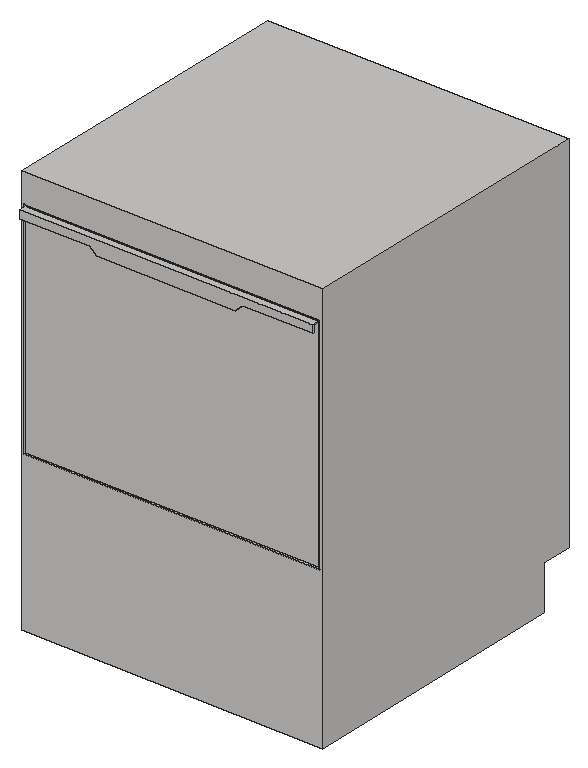
Revit family "QF_ELECTROLUXPROFESSIONAL_400202_EL1D", category Specialty Equipment, Revit 2018
Family settings
  Round Connector Dimension = Use Diameter
  Part Type = Normal
  Work Plane-Based = No
  Always vertical = Yes
  Cut with Voids When Loaded = No
  Shared = No
  Room Calculation Point = No
Parameters (values of type "Standard")
  Weight = 47.00 kg
  Watts = 0 W
  Volts = 230 V
  URL Manufacturer = "http://professional.electrolux.com"
  URL = "http://professional.electrolux.com"
  Steam Supply Size = 0 mm
  Steam Supply Minimum Pressure = 0.0 Pa
  Steam Supply Maximum Pressure = 0.0 Pa
  Steam Pounds per Hour = 0
  Show Logo [instance] = yes
  Show Clearance [instance] = yes
  Refrigeration Suction Line Size = 0 mm
  Refrigeration Liquid Line Size = 0 mm
  Refrigerant Compressor Remote = yes
  Manufacturer = "Electrolux Professional"
  Phase = 1
  Model = "EL1D"
  Length Actual = 600 mm  # constant formula
  Item Number = "400202"
  Hot Water Size = 19.05 mm
  Height Actual = 820 mm  # constant formula
  HP = "4.9 HP"
  Gas Size = 0 mm
  Gas KW = 0
  Gas Input Pressure = 0 W
  Direct Waste Size = 40 mm
  Description = "UNDERCOUNTER(L), 1PH, DETERGENT DISPENSER, 540D/H"
  Depth Actual = 648 mm  # constant formula
  Cycle = 50 Hz
  Condensate Return Size = 0 mm
  Compressed Air Volume = 0.0 L/s
  Compressed Air Size = 0 mm
  Compressed Air Pressure = 0.0 Pa
  Cold Water Size = 0 mm
  Accessory = yes
Types (2, lengths in mm): name | URL | Manufacturer | Phase | Model | Hot Water Size | Description
  (no name) | "http://professional.electrolux.com/" | 0 | 0 | 0 | 0 | 0
  Standard | "http://professional.electrolux.com" | "Electrolux Professional" | 1 | "EL1D" | 19.05 | "UNDERCOUNTER(L), 1PH, DETERGENT DISPENSER, 540D/H"
Values of the unnamed type that differ from the named types
  Volts = 0 V
  URL Manufacturer = ""
  Item Number = ""
  Cycle = 0 Hz
Reference planes
  plane 1 "Center (Front/Back)": y = 0
  plane 2: z = 0
  plane 3 "Center (Left/Right)": x = 0
  plane 4 "LEFT": x = -300
  plane 5 "RIGHT": x = 300
  plane 6 "FRONT": y = -306
  plane 7 "BACK": y = 306
  plane 8: x = -202.5
  plane 9: x = 202.5
  plane 10: z = 830
  plane 11: z = 10
Forms (mm)
  Extrusion 1, solid, material "QF_Finishes_Stainless Steel"
    sketch origin (0, 0, 0) x (1, 0, 0) y (0, 1, 0)
      loop
        line (-300, -306) -> (300, -306) -> (300, 245) -> (-300, 245) -> (-300, -306)
    from 10 to 830
  Extrusion 2, solid, material "QF_Finishes_Stainless Steel"
    sketch origin (0, 0, 0) x (1, 0, 0) y (0, 1, 0)
      loop
        line (-300, 245) -> (300, 245) -> (300, 306) -> (-300, 306) -> (-300, 245)
    from 100 to 830
  Extrusion 3, solid, material "QF_Finishes_Stainless Steel"
    sketch origin (0, 17.5, 0) x (1, 0, 0) y (0, 1, 0)
      loop
        circle (-254, 167.5) r 12.5
      loop
        circle (254, 167.5) r 12.5
      loop
        circle (-254, -263.5) r 12.5
      loop
        circle (254, -263.5) r 12.5
    from 0 to 10
  Extrusion 4, void
    sketch origin (-300, -306, 0) x (-1, 0, 0) y (0, 0, 1)
      loop
        line (-5, 773.217) -> (-595, 773.217) -> (-595, 327.335) -> (-5, 327.335) -> (-5, 773.217)
    from 0 to 30
  Extrusion 5, solid, material "QF_Finishes_Stainless Steel"
    sketch origin (-259, -389, 768) x (0, 0, -1) y (1, 0, 0)
      loop
        circle (693, 143) r 10
    from -634 to -695
  Extrusion 6, solid, material "QF_Door-Drawer Clearances", visible <- "Show Clearance", detail levels coarse
    sketch origin (-230, -282.5, 0) x (0, 1, 0) y (0, 0, -1)
      loop
        line (-23.5, -330.419) -> (-391.5, -330.419)
        arc (-391.5, -330.419) -> (-290.693, -619.855) -> (-23.5, -770) r 432.894
        line (-23.5, -770) -> (-23.5, -330.419)
    from 61.197 to -521.306
  Extrusion 7, solid, material "QF_Finishes_Stainless Steel"
    sketch origin (-315.481, -389, 738) x (0, 0, -1) y (1, 0, 0)
      loop
        circle (663, 252.481) r 8
    from -634 to -695
  Extrusion 8, solid, material "QF_Finishes_Stainless Steel"
    sketch origin (-230, -282.5, 0) x (0, 1, 0) y (0, 0, -1)
      loop
        line (-23.5, -330.419) -> (-23.5, -770) -> (1.5, -770) -> (1.5, -330.419) -> (-23.5, -330.419)
    from 61.197 to -521.306
  Extrusion 9, solid, material "QF_Finishes_Stainless Steel"
    sketch origin (-230, -297.5, 0) x (0, 1, 0) y (0, 0, -1)
      loop
        line (-8.5, -770) -> (-8.5, -767.514) -> (-21, -767.514) -> (-21, -741.25) -> (-23.5, -741.25) -> (-23.5, -770) -> (-8.5, -770)
    from 61.197 to -521.306
  Extrusion 10, void
    sketch origin (-230, -321, 770) x (0, 0, 1) y (1, 0, 0)
      loop
        line (-15.552, -61.197) -> (-15.552, 77.909) -> (-28.75, 91.107) -> (-28.75, -61.197) -> (-15.552, -61.197)
      loop
        line (-15.552, 521.197) -> (-28.75, 521.197) -> (-28.75, 368.893) -> (-15.552, 382.091) -> (-15.552, 521.197)
    from 0 to 2.5
  Extrusion 11, solid, material "QF_Finishes_Stainless Steel"
    sketch origin (-295.988, 885.897, 763.79) x (0, -1, 0) y (1, 0, 0)
      loop
        circle (611.5, 158) r 8
    from -663.79 to -673.79
Cuts and joins
  Extrusion 4 cuts Extrusion 1
  joined: Extrusion 1, Extrusion 2
  Extrusion 10 cuts Extrusion 8
  Extrusion 10 cuts Extrusion 9
Lines and regions (mm)
  Split face 1
    outline origin (-300, -306, 830) x (0, 0, -1) y (1, 0, 0)
      loop
        line (21.579, 283.75) -> (39.683, 283.75) -> (39.683, 316.25) -> (21.579, 316.25) -> (21.579, 283.75)
  Split face 2
    outline origin (-300, -306, 830) x (0, 0, -1) y (1, 0, 0)
      loop
        line (56.783, 595) -> (56.783, 600)
      loop
        arc (56.783, 412.5) -> (28.391, 440.891) -> (0, 412.5) r 28.391
  symbolic lines
    curve 1: line (-300, 306, 0) -> (300, 306, 0)
    curve 2: line (-300, -306, 0) -> (-300, 306, 0)
    curve 3: line (300, -306, 0) -> (-300, -306, 0)
    curve 4: line (300, 306, 0) -> (300, -306, 0)
    curve 9: line (-291.197, -306, 0) -> (-291.197, -321, 0)
    curve 10: line (291.306, -321, 0) -> (291.306, -306, 0)
    curve 11: line (-291.197, -321, 0) -> (291.306, -321, 0)
  symbolic lines, style "QF_Door-Drawer Clearances"
    curve 5: line (-291.197, -674, 0) -> (291.306, -674, 0)
    curve 6: line (291.306, -674, 0) -> (291.306, -306, 0)
    curve 7: line (-291.197, -674, 0) -> (-291.197, -306, 0)
  symbolic lines, style "SpecialityEquipmentHiddenLines"
    curve 8: line (-300, 245, 0) -> (300, 245, 0)
Dimensions and locks
  equal spacing: plane 4 "LEFT", plane 3 "Center (Left/Right)", plane 5 "RIGHT"
  equal spacing: plane 7 "BACK", plane 1 "Center (Front/Back)", plane 6 "FRONT"
  plane 7 "BACK" to plane 6 "FRONT" = 612 mm
  plane 4 "LEFT" to plane 5 "RIGHT" = 600 mm
  plane 4 "LEFT" to plane 8 = 97.5 mm
  plane 9 to plane 5 "RIGHT" = 97.5 mm
  plane 11 to level = 10 mm
  plane 4 "LEFT" to plane 3 "Center (Left/Right)" = 300 mm
  plane 10 to level = 830 mm  (x2)
  plane 8 to plane 9 = 405 mm
  Extrusion 11 sketch curve to plane 4 "LEFT" = 162.012 mm
  level to Extrusion 5 sketch curve = 75 mm
  Extrusion 5 sketch curve to plane 4 "LEFT" = 184 mm
  Extrusion 7 sketch curve to plane 4 "LEFT" = 237 mm
  level to Extrusion 7 sketch curve = 75 mm
  Extrusion 3 to cut or joined group of Extrusion 1, Extrusion 2, Extrusion 4 = 121 mm
  Extrusion 3 to Extrusion 3 = 431 mm
  plane 6 "FRONT" to Extrusion 3 = 60 mm
  plane 9 to plane 8 = 405 mm
  plane 7 "BACK" to curve 5 = 980 mm
  cut or joined group of Extrusion 1, Extrusion 2, Extrusion 4 to level = 327.335 mm
  aligned and locked: level to plane 2
  aligned and locked: Extrusion 1 sketch curve to plane 6 "FRONT"
  aligned and locked: Extrusion 1 sketch curve to plane 4 "LEFT"
  aligned and locked: plane 5 "RIGHT" to Extrusion 1 sketch curve
  aligned and locked: Extrusion 1 to plane 11
  aligned and locked: Extrusion 2 sketch curve to Extrusion 1
  aligned and locked: plane 5 "RIGHT" to Extrusion 2 sketch curve
  aligned and locked: plane 11 to Extrusion 3
  aligned and locked: cut or joined group of Extrusion 9, Extrusion 10 to Extrusion 10
Automatic sketch dimensions
  Extrusion 1 sketch curve to plane 7 "BACK" = 61 mm
  Extrusion 3 sketch curve to plane 8 = 51.5 mm  (x2)
  plane 9 to Extrusion 3 sketch curve = 51.5 mm  (x2)
  plane 6 "FRONT" to Extrusion 3 sketch curve = 60 mm  (x2)
  Extrusion 3 sketch curve to plane 7 "BACK" = 121 mm  (x2)
  Extrusion 4 sketch curve to Extrusion 1 = 5 mm  (x2)
  Extrusion 4 sketch curve to Extrusion 1 = 317.335 mm
  Extrusion 4 sketch curve to Extrusion 1 = 56.783 mm
  plane 6 "FRONT" to Extrusion 8 sketch curve = 0 mm
  Extrusion 8 sketch curve to Extrusion 8 sketch curve = 25 mm
  Extrusion 9 sketch curve to plane 6 "FRONT" = 15 mm
  Extrusion 9 sketch curve to Extrusion 9 sketch curve = 2.5 mm
  Extrusion 9 sketch curve to Extrusion 9 sketch curve = 12.5 mm
  Extrusion 9 sketch curve to plane 10 = 60 mm
  Extrusion 9 sketch curve to Extrusion 9 sketch curve = 2.486 mm
  Extrusion 9 sketch curve to Extrusion 9 sketch curve = 26.264 mm
  Extrusion 2 sketch curve to Extrusion 2 sketch curve = 61 mm
  Split face 1 sketch curve to cut or joined group of Extrusion 1, Extrusion 2, Extrusion 4 = 21.579 mm
  Split face 1 sketch curve to Split face 1 sketch curve = 18.104 mm
  Split face 1 sketch curve to cut or joined group of Extrusion 1, Extrusion 2, Extrusion 4 = 278.75 mm
  Split face 1 sketch curve to Split face 1 sketch curve = 32.5 mm
  plane 11 to Extrusion 8 sketch curve = 320.419 mm
  Extrusion 8 sketch curve to plane 10 = 60 mm
  Extrusion 10 sketch curve to Extrusion 9 = 0 mm  (x2)
  Extrusion 9 to Extrusion 10 sketch curve = 0 mm
  Extrusion 10 sketch curve to Extrusion 9 = 13.198 mm  (x2)
  Extrusion 10 sketch curve to Extrusion 9 = 139.107 mm
  Extrusion 10 sketch curve to Extrusion 10 sketch curve = 13.198 mm  (x2)
  Extrusion 10 sketch curve to Extrusion 9 = 152.413 mm
  Extrusion 10 sketch curve to Extrusion 9 = 0.109 mm
  curve 3 to plane 4 "LEFT" = 0 mm
  curve 7 to plane 6 "FRONT" = 0 mm
  curve 4 to plane 5 "RIGHT" = 0 mm
  curve 2 to plane 7 "BACK" = 0 mm
  plane 4 "LEFT" to curve 5 = 8.803 mm
  curve 5 to plane 5 "RIGHT" = 8.694 mm
  plane 4 "LEFT" to curve 11 = 8.803 mm
  curve 10 to plane 5 "RIGHT" = 8.694 mm
  curve 11 to plane 6 "FRONT" = 15 mm
  curve 8 to plane 7 "BACK" = 61 mm
  Extrusion 2 sketch curve to plane 7 "BACK" = 0 mm
  Split face 2 sketch curve to cut or joined group of Extrusion 1, Extrusion 2, Extrusion 4 = 0 mm  (x5)
  Split face 2 sketch curve to cut or joined group of Extrusion 1, Extrusion 2, Extrusion 4 = 182.5 mm
  Extrusion 11 sketch curve to plane 7 "BACK" = 31.603 mm
  Extrusion 6 sketch curve to plane 6 "FRONT" = 0 mm
  plane 6 "FRONT" to Extrusion 6 sketch curve = 64.74 mm
  plane 11 to Extrusion 6 sketch curve = 331.974 mm
  Extrusion 6 sketch curve to Extrusion 6 sketch curve = 11.555 mm
  Extrusion 6 sketch curve to plane 6 "FRONT" = 368 mm
  radius of Extrusion 5 sketch curve = 10 mm
  radius of Extrusion 7 sketch curve = 8 mm
  radius of Extrusion 3 sketch curve = 12.5 mm  (x4)
  radius of Extrusion 11 sketch curve = 8 mm
Connectors
  piping at (-116, 306, 75), diameter 20
    settings: on Extrusion 5, index 1, connector inside diameter 609.6 mm, connector length 0 mm, flow factor 0, pipe flow 0.0 L/s, pressure drop 0.0 Pa, fitting loss kfactor 0, connector angle 0.00°, fixture units 0, engagement length 0 mm, angle of deflection 0.00°, flow configuration 1, flow direction 1, fitting loss method 0, system type 16, joint type 0, gender type 0, connector reference index -1, connector utility 0, adjustable connector no, is connector primary yes, connector description "Drain"
  piping at (-63, 306, 75), diameter 16
    settings: on Extrusion 7, index 3, connector inside diameter 609.6 mm, connector length 0 mm, flow factor 0, pipe flow 0.0 L/s, pressure drop 0.0 Pa, fitting loss kfactor 0, connector angle 0.00°, fixture units 0, engagement length 0 mm, angle of deflection 0.00°, flow configuration 1, flow direction 1, fitting loss method 0, system type 20, joint type 0, gender type 0, connector reference index -1, connector utility 0, adjustable connector no, is connector primary no, connector description "Cold Water Inlet"
  electrical at (-137.988, 274.397, 90), driven by "Volts"
    settings: on Extrusion 11, index 4, voltage 230 V, apparent load 0 VA, apparent load phase1 0 VA, apparent load phase2 0 VA, apparent load phase3 0 VA, power factor 1, load classification "Altro", number of poles 1, system type 31, power factor state 1, is connector primary yes, connector utility no, sub classification motor no, connector description "Electrical Connection"
